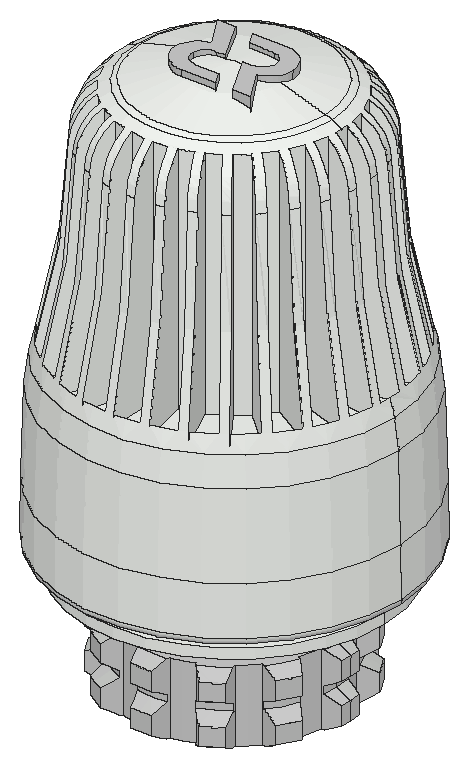
Revit family "TR84-TR86", category Арматура трубопроводов, Revit 2019
Family settings
  Размер круглого соединителя = Использовать диаметр
  Тип детали = Нормальный
  На основе рабочей плоскости = Да
  Всегда вертикально = Да
  При загрузке вырезать с полостями = Нет
  Общий = Да
Parameters (values of type "TR84")
  Default Elevation = 1219.2 mm
  Контакты_Производитель = "info@ridan.ru"  # constant formula
  URL = "https://ridan.ru/"
  ADSK_Наименование = "Термоэлемент со встроенным датчиком TR 84"
  ADSK_Материал = Белый
  ADSK_Масса_Текст = ""
  ADSK_Масса = 0
  ADSK_Марка = "TR 84"
  ADSK_Количество = 1  # constant formula
  ADSK_Код изделия = "013G7084R"
  ADSK_Завод-изготовитель = "ООО «Ридан-Трейд»"  # constant formula
  ADSK_Единица измерения = "шт."
  ADSK_Диаметр условный = 15 mm
  ADSK_Версия семейства = "1.0"  # constant formula
  ADSK_Версия Revit = "2019"  # constant formula
Types (3, lengths in mm): name | ADSK_Наименование | ADSK_Марка | ADSK_Код изделия
  (no name) | "Термоэлемент со встроенным датчиком TR 84" | "TR 84" | "013G7084R"
  TR84 | "Термоэлемент со встроенным датчиком TR 84" | "TR 84" | "013G7084R"
  TR 86 | "Термоэлемент с выносным датчиком TR 86. Длина капиллярной трубки 2 м" | "TR 86" | "013G7086R"
Reference planes
  plane 1 "По центру (Вперед/Назад)": y = 0
  plane 2: z = 0
  plane 3 "По центру (Влево/Вправо)": x = 0
Forms (mm)
  Revolve 1, solid, material "Белый"
    sketch origin (0, 0, 0) x (1, 0, 0) y (0, 0, 1)
      loop
        line (0, 85.301) -> (0, 82.599) -> (5.336, 82.599)
        arc (5.336, 82.599) -> (9.216, 79.809) -> (10.814, 75.305) r 8
        spline (10.814, 75.305) -> (10.881, 72.733) -> (11.004, 70.165) -> (11.182, 67.6) -> (11.415, 65.04) -> (11.702, 62.486) -> (12.045, 59.938) -> (12.442, 57.399) -> (12.894, 54.869) -> (13.4, 52.349) -> (13.96, 49.84) -> (14.575, 47.343) -> (15.242, 44.859)
        line (15.242, 44.859) -> (15.242, 40.646) -> (0, 40.646) -> (0, 11) -> (13.416, 11) -> (13.416, 14.8) -> (19.327, 14.8) -> (23.005, 16.1) -> (23.005, 17.7) -> (19.304, 17.7) -> (19.304, 19.301) -> (24.499, 19.301)
        arc (24.499, 19.301) -> (25.277, 19.623) -> (25.599, 20.401) r 1.1
        line (25.599, 20.401) -> (25.547, 27.913)
        arc (25.547, 27.913) -> (25.425, 34.282) -> (25.146, 40.646) r 260
        arc (25.146, 40.646) -> (24.944, 42.825) -> (24.584, 44.983) r 30
        spline (24.584, 44.983) -> (23.863, 47.448) -> (23.201, 49.929) -> (22.597, 52.423) -> (22.051, 54.93) -> (21.564, 57.449) -> (21.135, 59.978) -> (20.766, 62.516) -> (20.456, 65.062) -> (20.206, 67.616) -> (20.015, 70.175) -> (19.884, 72.738) -> (19.812, 75.305)
        arc (19.812, 75.305) -> (18.387, 79.571) -> (14.885, 82.394) r 8
        arc (14.885, 82.394) -> (14.473, 82.634) -> (14.035, 82.824) r 4.012
        arc (14.035, 82.824) -> (7.126, 84.677) -> (0, 85.301) r 41
      axis (0, 85.301) -> (0, 11)
    angle from 0 to 360
  Extrusion 2, void
    sketch origin (0, 0, 0) x (1, 0, 0) y (0, 1, 0)
      loop
        arc (-0.623, 23.854) -> (-2.516, 23.729) -> (-4.392, 23.454) r 23.862
        line (-4.392, 23.454) -> (-2.79, 16.127)
        arc (-2.79, 16.127) -> (-1.711, 16.277) -> (-0.623, 16.355) r 16.366
        line (-0.623, 16.355) -> (-0.623, 23.854)
    from 45.877 to 82.14
  Extrusion 3, void
    sketch origin (0, 0, 0) x (0.978148, 0.207912, 0) y (-0.207912, 0.978148, 0)
      loop
        arc (-0.623, 23.854) -> (-2.516, 23.729) -> (-4.392, 23.454) r 23.862
        line (-4.392, 23.454) -> (-2.79, 16.127)
        arc (-2.79, 16.127) -> (-1.711, 16.277) -> (-0.623, 16.355) r 16.366
        line (-0.623, 16.355) -> (-0.623, 23.854)
    from 45.877 to 82.14
  Extrusion 4, void
    sketch origin (0, 0, 0) x (0.913545, 0.406737, 0) y (-0.406737, 0.913545, 0)
      loop
        arc (-0.623, 23.854) -> (-2.516, 23.729) -> (-4.392, 23.454) r 23.862
        line (-4.392, 23.454) -> (-2.79, 16.127)
        arc (-2.79, 16.127) -> (-1.711, 16.277) -> (-0.623, 16.355) r 16.366
        line (-0.623, 16.355) -> (-0.623, 23.854)
    from 45.877 to 82.14
  Extrusion 5, void
    sketch origin (0, 0, 0) x (0.809017, 0.587785, 0) y (-0.587785, 0.809017, 0)
      loop
        arc (-0.623, 23.854) -> (-2.516, 23.729) -> (-4.392, 23.454) r 23.862
        line (-4.392, 23.454) -> (-2.79, 16.127)
        arc (-2.79, 16.127) -> (-1.711, 16.277) -> (-0.623, 16.355) r 16.366
        line (-0.623, 16.355) -> (-0.623, 23.854)
    from 45.877 to 82.14
  Extrusion 6, void
    sketch origin (0, 0, 0) x (0.669131, 0.743145, 0) y (-0.743145, 0.669131, 0)
      loop
        arc (-0.623, 23.854) -> (-2.516, 23.729) -> (-4.392, 23.454) r 23.862
        line (-4.392, 23.454) -> (-2.79, 16.127)
        arc (-2.79, 16.127) -> (-1.711, 16.277) -> (-0.623, 16.355) r 16.366
        line (-0.623, 16.355) -> (-0.623, 23.854)
    from 45.877 to 82.14
  Extrusion 7, void
    sketch origin (0, 0, 0) x (0.5, 0.866025, 0) y (-0.866025, 0.5, 0)
      loop
        arc (-0.623, 23.854) -> (-2.516, 23.729) -> (-4.392, 23.454) r 23.862
        line (-4.392, 23.454) -> (-2.79, 16.127)
        arc (-2.79, 16.127) -> (-1.711, 16.277) -> (-0.623, 16.355) r 16.366
        line (-0.623, 16.355) -> (-0.623, 23.854)
    from 45.877 to 82.14
  Extrusion 8, void
    sketch origin (0, 0, 0) x (0.309017, 0.951057, 0) y (-0.951057, 0.309017, 0)
      loop
        arc (-0.623, 23.854) -> (-2.516, 23.729) -> (-4.392, 23.454) r 23.862
        line (-4.392, 23.454) -> (-2.79, 16.127)
        arc (-2.79, 16.127) -> (-1.711, 16.277) -> (-0.623, 16.355) r 16.366
        line (-0.623, 16.355) -> (-0.623, 23.854)
    from 45.877 to 82.14
  Extrusion 9, void
    sketch origin (0, 0, 0) x (0.104528, 0.994522, 0) y (-0.994522, 0.104528, 0)
      loop
        arc (-0.623, 23.854) -> (-2.516, 23.729) -> (-4.392, 23.454) r 23.862
        line (-4.392, 23.454) -> (-2.79, 16.127)
        arc (-2.79, 16.127) -> (-1.711, 16.277) -> (-0.623, 16.355) r 16.366
        line (-0.623, 16.355) -> (-0.623, 23.854)
    from 45.877 to 82.14
  Extrusion 10, void
    sketch origin (0, 0, 0) x (-0.104528, 0.994522, 0) y (-0.994522, -0.104528, 0)
      loop
        arc (-0.623, 23.854) -> (-2.516, 23.729) -> (-4.392, 23.454) r 23.862
        line (-4.392, 23.454) -> (-2.79, 16.127)
        arc (-2.79, 16.127) -> (-1.711, 16.277) -> (-0.623, 16.355) r 16.366
        line (-0.623, 16.355) -> (-0.623, 23.854)
    from 45.877 to 82.14
  Extrusion 11, void
    sketch origin (0, 0, 0) x (-0.309017, 0.951057, 0) y (-0.951057, -0.309017, 0)
      loop
        arc (-0.623, 23.854) -> (-2.516, 23.729) -> (-4.392, 23.454) r 23.862
        line (-4.392, 23.454) -> (-2.79, 16.127)
        arc (-2.79, 16.127) -> (-1.711, 16.277) -> (-0.623, 16.355) r 16.366
        line (-0.623, 16.355) -> (-0.623, 23.854)
    from 45.877 to 82.14
  Extrusion 12, void
    sketch origin (0, 0, 0) x (-0.5, 0.866025, 0) y (-0.866025, -0.5, 0)
      loop
        arc (-0.623, 23.854) -> (-2.516, 23.729) -> (-4.392, 23.454) r 23.862
        line (-4.392, 23.454) -> (-2.79, 16.127)
        arc (-2.79, 16.127) -> (-1.711, 16.277) -> (-0.623, 16.355) r 16.366
        line (-0.623, 16.355) -> (-0.623, 23.854)
    from 45.877 to 82.14
  Extrusion 13, void
    sketch origin (0, 0, 0) x (-0.669131, 0.743145, 0) y (-0.743145, -0.669131, 0)
      loop
        arc (-0.623, 23.854) -> (-2.516, 23.729) -> (-4.392, 23.454) r 23.862
        line (-4.392, 23.454) -> (-2.79, 16.127)
        arc (-2.79, 16.127) -> (-1.711, 16.277) -> (-0.623, 16.355) r 16.366
        line (-0.623, 16.355) -> (-0.623, 23.854)
    from 45.877 to 82.14
  Extrusion 14, void
    sketch origin (0, 0, 0) x (-0.809017, 0.587785, 0) y (-0.587785, -0.809017, 0)
      loop
        arc (-0.623, 23.854) -> (-2.516, 23.729) -> (-4.392, 23.454) r 23.862
        line (-4.392, 23.454) -> (-2.79, 16.127)
        arc (-2.79, 16.127) -> (-1.711, 16.277) -> (-0.623, 16.355) r 16.366
        line (-0.623, 16.355) -> (-0.623, 23.854)
    from 45.877 to 82.14
  Extrusion 15, void
    sketch origin (0, 0, 0) x (-0.913545, 0.406737, 0) y (-0.406737, -0.913545, 0)
      loop
        arc (-0.623, 23.854) -> (-2.516, 23.729) -> (-4.392, 23.454) r 23.862
        line (-4.392, 23.454) -> (-2.79, 16.127)
        arc (-2.79, 16.127) -> (-1.711, 16.277) -> (-0.623, 16.355) r 16.366
        line (-0.623, 16.355) -> (-0.623, 23.854)
    from 45.877 to 82.14
  Extrusion 16, void
    sketch origin (0, 0, 0) x (-0.978148, 0.207912, 0) y (-0.207912, -0.978148, 0)
      loop
        arc (-0.623, 23.854) -> (-2.516, 23.729) -> (-4.392, 23.454) r 23.862
        line (-4.392, 23.454) -> (-2.79, 16.127)
        arc (-2.79, 16.127) -> (-1.711, 16.277) -> (-0.623, 16.355) r 16.366
        line (-0.623, 16.355) -> (-0.623, 23.854)
    from 45.877 to 82.14
  Extrusion 17, void
    sketch origin (0, 0, 0) x (-1, 0, 0) y (0, -1, 0)
      loop
        arc (-0.623, 23.854) -> (-2.516, 23.729) -> (-4.392, 23.454) r 23.862
        line (-4.392, 23.454) -> (-2.79, 16.127)
        arc (-2.79, 16.127) -> (-1.711, 16.277) -> (-0.623, 16.355) r 16.366
        line (-0.623, 16.355) -> (-0.623, 23.854)
    from 45.877 to 82.14
  Extrusion 18, void
    sketch origin (0, 0, 0) x (-0.978148, -0.207912, 0) y (0.207912, -0.978148, 0)
      loop
        arc (-0.623, 23.854) -> (-2.516, 23.729) -> (-4.392, 23.454) r 23.862
        line (-4.392, 23.454) -> (-2.79, 16.127)
        arc (-2.79, 16.127) -> (-1.711, 16.277) -> (-0.623, 16.355) r 16.366
        line (-0.623, 16.355) -> (-0.623, 23.854)
    from 45.877 to 82.14
  Extrusion 19, void
    sketch origin (0, 0, 0) x (-0.913545, -0.406737, 0) y (0.406737, -0.913545, 0)
      loop
        arc (-0.623, 23.854) -> (-2.516, 23.729) -> (-4.392, 23.454) r 23.862
        line (-4.392, 23.454) -> (-2.79, 16.127)
        arc (-2.79, 16.127) -> (-1.711, 16.277) -> (-0.623, 16.355) r 16.366
        line (-0.623, 16.355) -> (-0.623, 23.854)
    from 45.877 to 82.14
  Extrusion 20, void
    sketch origin (0, 0, 0) x (-0.809017, -0.587785, 0) y (0.587785, -0.809017, 0)
      loop
        arc (-0.623, 23.854) -> (-2.516, 23.729) -> (-4.392, 23.454) r 23.862
        line (-4.392, 23.454) -> (-2.79, 16.127)
        arc (-2.79, 16.127) -> (-1.711, 16.277) -> (-0.623, 16.355) r 16.366
        line (-0.623, 16.355) -> (-0.623, 23.854)
    from 45.877 to 82.14
  Extrusion 21, void
    sketch origin (0, 0, 0) x (-0.669131, -0.743145, 0) y (0.743145, -0.669131, 0)
      loop
        arc (-0.623, 23.854) -> (-2.516, 23.729) -> (-4.392, 23.454) r 23.862
        line (-4.392, 23.454) -> (-2.79, 16.127)
        arc (-2.79, 16.127) -> (-1.711, 16.277) -> (-0.623, 16.355) r 16.366
        line (-0.623, 16.355) -> (-0.623, 23.854)
    from 45.877 to 82.14
  Extrusion 22, void
    sketch origin (0, 0, 0) x (-0.5, -0.866025, 0) y (0.866025, -0.5, 0)
      loop
        arc (-0.623, 23.854) -> (-2.516, 23.729) -> (-4.392, 23.454) r 23.862
        line (-4.392, 23.454) -> (-2.79, 16.127)
        arc (-2.79, 16.127) -> (-1.711, 16.277) -> (-0.623, 16.355) r 16.366
        line (-0.623, 16.355) -> (-0.623, 23.854)
    from 45.877 to 82.14
  Extrusion 23, void
    sketch origin (0, 0, 0) x (-0.309017, -0.951057, 0) y (0.951057, -0.309017, 0)
      loop
        arc (-0.623, 23.854) -> (-2.516, 23.729) -> (-4.392, 23.454) r 23.862
        line (-4.392, 23.454) -> (-2.79, 16.127)
        arc (-2.79, 16.127) -> (-1.711, 16.277) -> (-0.623, 16.355) r 16.366
        line (-0.623, 16.355) -> (-0.623, 23.854)
    from 45.877 to 82.14
  Extrusion 24, void
    sketch origin (0, 0, 0) x (-0.104528, -0.994522, 0) y (0.994522, -0.104528, 0)
      loop
        arc (-0.623, 23.854) -> (-2.516, 23.729) -> (-4.392, 23.454) r 23.862
        line (-4.392, 23.454) -> (-2.79, 16.127)
        arc (-2.79, 16.127) -> (-1.711, 16.277) -> (-0.623, 16.355) r 16.366
        line (-0.623, 16.355) -> (-0.623, 23.854)
    from 45.877 to 82.14
  Extrusion 25, void
    sketch origin (0, 0, 0) x (0.104528, -0.994522, 0) y (0.994522, 0.104528, 0)
      loop
        arc (-0.623, 23.854) -> (-2.516, 23.729) -> (-4.392, 23.454) r 23.862
        line (-4.392, 23.454) -> (-2.79, 16.127)
        arc (-2.79, 16.127) -> (-1.711, 16.277) -> (-0.623, 16.355) r 16.366
        line (-0.623, 16.355) -> (-0.623, 23.854)
    from 45.877 to 82.14
  Extrusion 26, void
    sketch origin (0, 0, 0) x (0.309017, -0.951057, 0) y (0.951057, 0.309017, 0)
      loop
        arc (-0.623, 23.854) -> (-2.516, 23.729) -> (-4.392, 23.454) r 23.862
        line (-4.392, 23.454) -> (-2.79, 16.127)
        arc (-2.79, 16.127) -> (-1.711, 16.277) -> (-0.623, 16.355) r 16.366
        line (-0.623, 16.355) -> (-0.623, 23.854)
    from 45.877 to 82.14
  Extrusion 27, void
    sketch origin (0, 0, 0) x (0.5, -0.866025, 0) y (0.866025, 0.5, 0)
      loop
        arc (-0.623, 23.854) -> (-2.516, 23.729) -> (-4.392, 23.454) r 23.862
        line (-4.392, 23.454) -> (-2.79, 16.127)
        arc (-2.79, 16.127) -> (-1.711, 16.277) -> (-0.623, 16.355) r 16.366
        line (-0.623, 16.355) -> (-0.623, 23.854)
    from 45.877 to 82.14
  Extrusion 28, void
    sketch origin (0, 0, 0) x (0.669131, -0.743145, 0) y (0.743145, 0.669131, 0)
      loop
        arc (-0.623, 23.854) -> (-2.516, 23.729) -> (-4.392, 23.454) r 23.862
        line (-4.392, 23.454) -> (-2.79, 16.127)
        arc (-2.79, 16.127) -> (-1.711, 16.277) -> (-0.623, 16.355) r 16.366
        line (-0.623, 16.355) -> (-0.623, 23.854)
    from 45.877 to 82.14
  Extrusion 29, void
    sketch origin (0, 0, 0) x (0.809017, -0.587785, 0) y (0.587785, 0.809017, 0)
      loop
        arc (-0.623, 23.854) -> (-2.516, 23.729) -> (-4.392, 23.454) r 23.862
        line (-4.392, 23.454) -> (-2.79, 16.127)
        arc (-2.79, 16.127) -> (-1.711, 16.277) -> (-0.623, 16.355) r 16.366
        line (-0.623, 16.355) -> (-0.623, 23.854)
    from 45.877 to 82.14
  Extrusion 30, void
    sketch origin (0, 0, 0) x (0.913545, -0.406737, 0) y (0.406737, 0.913545, 0)
      loop
        arc (-0.623, 23.854) -> (-2.516, 23.729) -> (-4.392, 23.454) r 23.862
        line (-4.392, 23.454) -> (-2.79, 16.127)
        arc (-2.79, 16.127) -> (-1.711, 16.277) -> (-0.623, 16.355) r 16.366
        line (-0.623, 16.355) -> (-0.623, 23.854)
    from 45.877 to 82.14
  Extrusion 31, void
    sketch origin (0, 0, 0) x (0.978148, -0.207912, 0) y (0.207912, 0.978148, 0)
      loop
        arc (-0.623, 23.854) -> (-2.516, 23.729) -> (-4.392, 23.454) r 23.862
        line (-4.392, 23.454) -> (-2.79, 16.127)
        arc (-2.79, 16.127) -> (-1.711, 16.277) -> (-0.623, 16.355) r 16.366
        line (-0.623, 16.355) -> (-0.623, 23.854)
    from 45.877 to 82.14
  Extrusion 32, solid, material "Латунь никелированная"
    sketch origin (0, 0, 0) x (1, 0, 0) y (0, 1, 0)
      loop
        circle (0, 0) r 17.85
    from 0 to 11
  Revolve 33, void
    sketch origin (0, 0, 0) x (1, 0, 0) y (0, 0, 1)
      loop
        line (17.85, 7.2) -> (15.692, 6.019) -> (15.692, 4.986) -> (17.85, 3.8) -> (17.85, 7.2)
      axis (0, 7.2) -> (0, 3.8)
    angle from 0 to 360
  Revolve 34, void
    sketch origin (0, 0, 0) x (1, 0, 0) y (0, 0, 1)
      loop
        line (15.841, 11) -> (17.85, 9.9) -> (17.85, 11) -> (15.841, 11)
      axis (0, 11) -> (0, 9.9)
    angle from 0 to 360
  Revolve 35, void
    sketch origin (0, 0, 0) x (1, 0, 0) y (0, 0, 1)
      loop
        line (17.85, 1.1) -> (15.84, 0) -> (17.85, 0) -> (17.85, 1.1)
      axis (0, 1.1) -> (0, 0)
    angle from 0 to 360
  Extrusion 36, void
    sketch origin (0, 0, 0) x (1, 0, 0) y (0, 1, 0)
      loop
        line (-9.671, 12.078) -> (-10.466, 15.072)
        arc (-10.466, 15.072) -> (-13.026, 12.97) -> (-15.152, 10.429) r 17.751
        line (-15.152, 10.429) -> (-12.083, 9.672)
        arc (-12.083, 9.672) -> (-10.942, 10.94) -> (-9.671, 12.078) r 15.901
      loop
        arc (-1.515, 18.333) -> (-4.795, 17.774) -> (-7.913, 16.613) r 17.751
        line (-7.913, 16.613) -> (-5.58, 14.372)
        arc (-5.58, 14.372) -> (-3.989, 14.887) -> (-2.354, 15.232) r 15.901
        line (-2.354, 15.232) -> (-1.515, 18.333)
      loop
        arc (2.404, 15.063) -> (3.95, 14.73) -> (5.455, 14.246) r 15.901
        line (5.455, 14.246) -> (7.889, 16.669)
        arc (7.889, 16.669) -> (4.744, 17.848) -> (1.433, 18.413) r 17.751
        line (1.433, 18.413) -> (2.404, 15.063)
      loop
        arc (15.313, 10.53) -> (13.115, 13.135) -> (10.458, 15.272) r 17.751
        line (10.458, 15.272) -> (9.61, 11.829)
        arc (9.61, 11.829) -> (10.789, 10.777) -> (11.859, 9.613) r 15.901
        line (11.859, 9.613) -> (15.313, 10.53)
      loop
        arc (18.71, 1.413) -> (18.096, 4.863) -> (16.816, 8.125) r 17.751
        line (16.816, 8.125) -> (14.228, 5.43)
        arc (14.228, 5.43) -> (14.718, 3.936) -> (15.058, 2.401) r 15.901
        line (15.058, 2.401) -> (18.71, 1.413)
      loop
        arc (15.143, -2.381) -> (14.838, -3.999) -> (14.367, -5.576) r 15.901
        line (14.367, -5.576) -> (17, -8.222)
        arc (17, -8.222) -> (18.242, -4.864) -> (18.785, -1.326) r 17.751
        line (18.785, -1.326) -> (15.143, -2.381)
      loop
        arc (11.983, -9.648) -> (10.883, -10.898) -> (9.658, -12.027) r 15.901
        line (9.658, -12.027) -> (10.616, -15.638)
        arc (10.616, -15.638) -> (13.428, -13.365) -> (15.72, -10.569) r 17.751
        line (15.72, -10.569) -> (11.983, -9.648)
      loop
        arc (5.577, -14.369) -> (3.986, -14.894) -> (2.349, -15.248) r 15.901
        line (2.349, -15.248) -> (1.378, -18.839)
        arc (1.378, -18.839) -> (4.952, -18.287) -> (8.34, -17.023) r 17.751
        line (8.34, -17.023) -> (5.577, -14.369)
      loop
        line (-5.539, -14.329) -> (-8.127, -16.905)
        arc (-8.127, -16.905) -> (-4.815, -18.222) -> (-1.306, -18.851) r 17.751
        line (-1.306, -18.851) -> (-2.37, -15.18)
        arc (-2.37, -15.18) -> (-3.976, -14.837) -> (-5.539, -14.329) r 15.901
      loop
        line (-11.825, -9.604) -> (-15.362, -10.543)
        arc (-15.362, -10.543) -> (-13.192, -13.284) -> (-10.526, -15.547) r 17.751
        line (-10.526, -15.547) -> (-9.615, -11.85)
        arc (-9.615, -11.85) -> (-10.776, -10.782) -> (-11.825, -9.604) r 15.901
      loop
        line (-14.877, -2.45) -> (-18.511, -1.467)
        arc (-18.511, -1.467) -> (-17.973, -4.866) -> (-16.789, -8.097) r 17.751
        line (-16.789, -8.097) -> (-14.133, -5.332)
        arc (-14.133, -5.332) -> (-14.573, -3.908) -> (-14.877, -2.45) r 15.901
      loop
        line (-13.88, 5.088) -> (-16.795, 8.016)
        arc (-16.795, 8.016) -> (-18.013, 4.788) -> (-18.583, 1.384) r 17.751
        line (-18.583, 1.384) -> (-14.613, 2.534)
        arc (-14.613, 2.534) -> (-14.3, 3.826) -> (-13.88, 5.088) r 15.901
    from 0 to 250
  Extrusion 37, solid, material "Латунь никелированная"
    sketch origin (0.016, 0.03, 0) x (1, 0, 0) y (0, 1, 0)
      loop
        line (-2.049, 6.086) -> (-0.939, 4.072) -> (2.759, 4.072)
        arc (2.759, 4.072) -> (4.171, 3.404) -> (4.754, 1.955) r 2.142
        arc (4.754, 1.955) -> (4.128, 0.579) -> (2.742, -0.023) r 2.106
        line (2.742, -0.023) -> (1.283, -0.023) -> (4.622, -6.14) -> (7.419, -6.14) -> (4.533, -1.402)
        arc (4.533, -1.402) -> (6.543, -0.206) -> (7.379, 1.978) r 3.564
        arc (7.379, 1.978) -> (6.037, 4.856) -> (3.11, 6.086) r 4.408
        line (3.11, 6.086) -> (-2.049, 6.086)
      loop
        line (-4.653, 6.086) -> (-7.451, 6.086) -> (-4.569, 1.358)
        arc (-4.569, 1.358) -> (-6.548, 0.131) -> (-7.411, -2.032) r 3.723
        arc (-7.411, -2.032) -> (-6.087, -4.929) -> (-3.142, -6.14) r 4.336
        line (-3.142, -6.14) -> (2.017, -6.14) -> (0.916, -4.125) -> (-2.791, -4.125)
        arc (-2.791, -4.125) -> (-4.206, -3.461) -> (-4.786, -2.009) r 2.129
        arc (-4.786, -2.009) -> (-4.16, -0.633) -> (-2.774, -0.03) r 2.107
        line (-2.774, -0.03) -> (-1.315, -0.03) -> (-4.653, 6.086)
    from 82.599 to 85.572
Cuts and joins
  Extrusion 2, Extrusion 3, Extrusion 4, Extrusion 5, Extrusion 6, Extrusion 7, Extrusion 8, Extrusion 9, Extrusion 10, Extrusion 11, Extrusion 12, Extrusion 13, Extrusion 14, Extrusion 15, Extrusion 16, Extrusion 17, Extrusion 18, Extrusion 19, Extrusion 20, Extrusion 21, Extrusion 22, Extrusion 23, Extrusion 24, Extrusion 25, Extrusion 26, Extrusion 27, Extrusion 28, Extrusion 29, Extrusion 30, Extrusion 31 cuts Revolve 1
  Revolve 33, Revolve 34, Revolve 35, Extrusion 36 cuts Extrusion 32
Dimensions and locks
  aligned and locked: level to plane 2
  aligned and locked: Extrusion 32 to level
